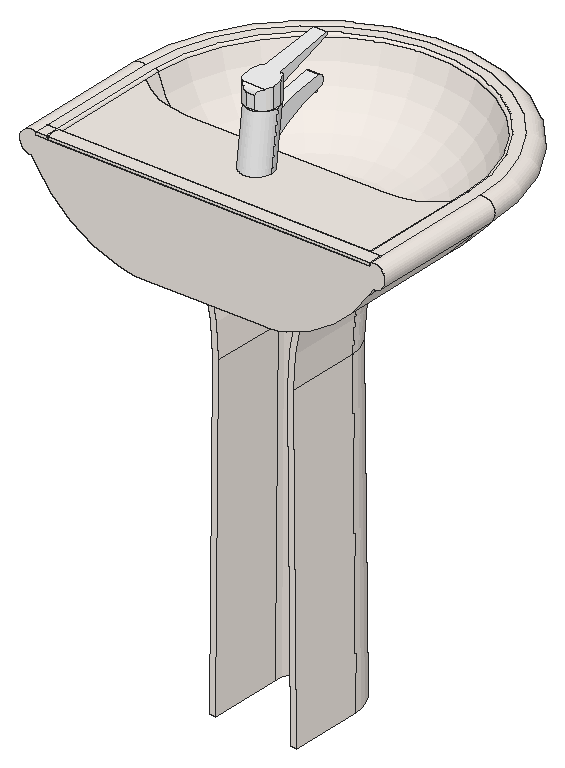
Revit family
Parameters
  Robinet = Métal - Chrome
  Lavabos = Porcelaine - Lin
  Colonne - Cache = Porcelaine - Lin
  Afficher le cache siphon [instance] = no
  Afficher la colonne [instance] = yes
Reference planes
  plane 1 "Centre (avant/arrière)": y = 0
  plane 2: z = 0
  plane 3 "Centre (gauche/droite)": x = 0
Forms (mm)
  Sweep 1, solid, material "Porcelaine - Lin" <- "Lavabos"
    path origin (-123.79, -75, 829.634) x (0, 1, 0) y (-1, 0, 0)
      loop
        line (75, 175) -> (299.154, 175)
        arc (299.154, 175) -> (597.944, -123.79) -> (299.154, -422.58) r 298.79
        line (299.154, -422.58) -> (75, -422.58)
    profile origin (-298.79, 112.077, 829.634) x (-1, 0, 0) y (0, 0, 1)
      loop
        arc (-18.583, -37.606) -> (-0.084, -15.436) -> (-25.208, -1.206) r 18.803
        line (-25.208, -1.206) -> (-41.538, -1.206)
        arc (-41.538, -1.206) -> (-44.542, -2.209) -> (-46.341, -4.816) r 5
        arc (-46.341, -4.816) -> (-108.929, -95.438) -> (-213.446, -130.163) r 173.589
        line (-213.446, -130.163) -> (-280, -130.163) -> (-280, -155.163) -> (-199.155, -155.163)
        arc (-199.155, -155.163) -> (-179.909, -154.259) -> (-161.056, -150.29) r 120.107
        arc (-161.056, -150.29) -> (-78.943, -107.7) -> (-18.583, -37.606) r 244.013
  Extrusion 2, solid, material "Porcelaine - Lin" <- "Lavabos"
    sketch origin (-123.79, -75, 829.634) x (0, 1, 0) y (-1, 0, 0)
      loop
        arc (234.119, 29.059) -> (251.412, 97.626) -> (299.154, 149.792) r 144.585
        line (299.154, 149.792) -> (75, 149.792) -> (75, -397.372) -> (299.154, -397.372)
        arc (299.154, -397.372) -> (251.665, -353.305) -> (234.119, -290.941) r 119.605
        line (234.119, -290.941) -> (234.119, 29.059)
    from -4.816 to -155.163
  Extrusion 3, void
    sketch origin (-123.79, 0, 0) x (1, 0, 0) y (0, 0, 1)
      loop
        arc (397.372, 781.133) -> (338.584, 718.045) -> (261.524, 679.344) r 244.013
        arc (261.524, 679.344) -> (246.638, 675.95) -> (231.442, 674.471) r 120.107
        line (231.442, 674.471) -> (397.372, 674.471) -> (397.372, 781.133)
      loop
        line (-149.792, 781.133) -> (-149.792, 674.471) -> (16.138, 674.471)
        arc (16.138, 674.471) -> (0.942, 675.95) -> (-13.944, 679.344) r 120.107
        arc (-13.944, 679.344) -> (-91.005, 718.045) -> (-149.792, 781.133) r 244.013
    from -224.154 to 0
  Extrusion 4, solid, material "Porcelaine - Lin" <- "Lavabos"
    sketch origin (-18.79, 0, 699.471) x (0, 1, 0) y (-1, 0, 0)
      loop
        line (224.154, 0) -> (159.119, 0) -> (159.119, -37.58) -> (224.154, -37.58)
        arc (224.154, -37.58) -> (205.364, -18.79) -> (224.154, 0) r 18.79
    from 0 to -25
  Extrusion 5, solid, material "Porcelaine - Lin" <- "Lavabos"
    sketch origin (1.21, -75, 0) x (0, 1, 0) y (0, 0, 1)
      loop
        line (75, 824.818) -> (100, 824.818) -> (100, 826.428)
        arc (100, 826.428) -> (99.414, 827.842) -> (98, 828.428) r 2
        line (98, 828.428) -> (75, 828.428) -> (75, 824.818)
    from -274.792 to 272.372
  Blend 6, solid, material "Métal - Chrome" <- "Robinet", detail levels medium+fine
    base sketch origin (-123.79, -75, 824.818) x (0, 1, 0) y (-1, 0, 0)
      loop
        circle (183.751, -125) r 25
    top sketch origin (-123.79, -75, 824.818) x (0, 1, 0) y (-1, 0, 0)
      loop
        circle (195.377, -125) r 25
    from 0 to 90
  Extrusion 7, solid, material "Métal - Chrome" <- "Robinet", detail levels medium+fine
    sketch origin (-123.79, -75, 914.818) x (0, 1, 0) y (-1, 0, 0)
      loop
        circle (195.377, -125) r 20
    from 0 to 3
  Extrusion 8, solid, material "Métal - Chrome" <- "Robinet", detail levels medium+fine
    sketch origin (1.21, -75, 0) x (0, 1, 0) y (0, 0, 1)
      loop
        line (217.413, 917.818) -> (217.413, 936.709) -> (315.203, 964.75) -> (313.703, 969.98)
        arc (313.703, 969.98) -> (245.911, 960.622) -> (178.505, 948.793) r 1872.738
        arc (178.505, 948.793) -> (172.697, 945.338) -> (170.413, 938.977) r 10
        line (170.413, 938.977) -> (170.413, 917.818) -> (217.413, 917.818)
    from -25 to 25
  Extrusion 9, void
    sketch origin (1.21, 98.377, 917.818) x (0, 1, 0) y (-1, 0, 0)
      loop
        arc (44.037, -13.798) -> (14.822, -24.99) -> (-4, 0) r 26
        line (-4, 0) -> (-8, 0) -> (-8, -30) -> (147.037, -30) -> (147.037, -10.278) -> (44.037, -13.798)
    from 0 to 100
  Extrusion 10, void
    sketch origin (1.21, 98.377, 917.818) x (0, 1, 0) y (-1, 0, 0)
      loop
        line (44.037, 13.798) -> (147.037, 10.278) -> (147.037, 30) -> (-8, 30) -> (-8, 0) -> (-4, 0)
        arc (-4, 0) -> (14.822, 24.99) -> (44.037, 13.798) r 26
    from 0 to 100
  Extrusion 11, solid, material "Métal - Chrome" <- "Robinet", detail levels medium+fine
    sketch origin (1.21, -75, 0) x (0, 1, 0) y (0, 0, 1)
      loop
        line (205, 892.191) -> (205, 852.208)
        arc (205, 852.208) -> (249.705, 878.768) -> (299.154, 894.854) r 235.149
        arc (299.154, 894.854) -> (306.815, 904.259) -> (299.154, 913.664) r 9.604
        arc (299.154, 913.664) -> (251.299, 906.341) -> (205, 892.191) r 334.748
    from -10 to 10
  Extrusion 12, solid, material "Métal - Chrome" <- "Robinet", detail levels medium+fine
    sketch origin (-123.79, -75, 824.818) x (0, 1, 0) y (-1, 0, 0)
      loop
        circle (295.155, -125) r 8
    from 64.894 to 74.894
Cuts and joins
  Extrusion 3, Extrusion 9, Extrusion 10 cuts Sweep 1
  Extrusion 3, Extrusion 9, Extrusion 10 cuts Extrusion 2
  Extrusion 3, Extrusion 9, Extrusion 10 cuts Extrusion 4
  joined: Sweep 1, Extrusion 2, Extrusion 4
  Extrusion 3, Extrusion 9, Extrusion 10 cuts Extrusion 5
  Extrusion 3, Extrusion 9, Extrusion 10 cuts Blend 6
  Extrusion 3, Extrusion 9, Extrusion 10 cuts Extrusion 7
  Extrusion 3, Extrusion 9, Extrusion 10 cuts Extrusion 8
  Extrusion 3, Extrusion 9, Extrusion 10 cuts Extrusion 11
  Extrusion 3, Extrusion 9, Extrusion 10 cuts Extrusion 12
Lines and regions (mm)
  Masking region 1
    outline origin (0, 0, 0) x (1, 0, 0) y (0, 1, 0)
      loop
        line (-299.01, 0) -> (299.01, 0) -> (299.01, 225)
        arc (299.01, 225) -> (0, 524.01) -> (-299.01, 225) r 299.01
        line (-299.01, 225) -> (-299.01, 0)
  symbolic lines, style "Lavabos"
    curve 1: line (161.21, 159.119, 824.818) -> (14.437, 159.119, 824.818)
    curve 2: line (-260, 55, 824.818) -> (-260, 224.154, 824.818)
    curve 3: arc (260, 224.154, 824.818) -> (0, 484.154, 824.818) -> (-260, 224.154, 824.818) r 260
    curve 4: line (260, 55, 824.818) -> (260, 224.154, 824.818)
    curve 5: arc (12.688, 210.295, 824.818) -> (-1.494, 242.884, 824.818) -> (-10.331, 208.459, 824.818) r 18.79
    curve 6: arc (-158.79, 159.119, 824.818) -> (-227.005, 192.767, 824.818) -> (-241.822, 267.373, 824.818) r 85.97
    curve 7: arc (241.499, 269.145, 824.818) -> (229.313, 193.73, 824.818) -> (161.21, 159.119, 824.818) r 84.307
    curve 8: arc (241.499, 269.145, 824.818) -> (-0.901, 469.806, 824.818) -> (-241.822, 267.373, 824.818) r 245.654
    curve 9: line (-230, 25, 824.818) -> (230, 25, 824.818)
    curve 10: arc (-260, 55, 824.818) -> (-251.213, 33.787, 824.818) -> (-230, 25, 824.818) r 30
    curve 11: arc (260, 55, 824.818) -> (251.213, 33.787, 824.818) -> (230, 25, 824.818) r 30
    curve 22: line (-12.017, 159.119, 824.818) -> (-158.79, 159.119, 824.818)
  symbolic lines
    curve 12: arc (1.21, 140.377, 0) -> (-18.79, 120.377, 0) -> (1.21, 100.377, 0) r 20
    curve 13: arc (1.21, 100.377, 0) -> (21.21, 120.377, 0) -> (1.21, 140.377, 0) r 20
    curve 14: line (-8.79, 224.154, 0) -> (-8.79, 137.697, 0)
    curve 15: line (11.21, 137.697, 0) -> (11.21, 224.154, 0)
    curve 16: line (11.21, 224.154, 0) -> (-8.79, 224.154, 0)
    curve 17: line (-12.588, 142.413, 0) -> (-9.297, 238.703, 0)
    curve 18: line (11.717, 238.703, 0) -> (15.008, 142.413, 0)
    curve 19: line (-9.297, 238.703, 0) -> (11.717, 238.703, 0)
    curve 20: arc (-0.18, 94.414, 0) -> (-23.962, 113.869, 0) -> (-12.588, 142.413, 0) r 26
    curve 21: arc (15.008, 142.413, 0) -> (25.999, 112.533, 0) -> (-0.18, 94.414, 0) r 26
Dimensions and locks
  aligned and locked: Extrusion 3 to Extrusion 2
  aligned and locked: curve 12 to cut or joined group of Extrusion 3, Extrusion 7, Extrusion 9, Extrusion 10
  aligned and locked: curve 13 to cut or joined group of Extrusion 3, Extrusion 7, Extrusion 9, Extrusion 10
  aligned and locked: cut or joined group of Extrusion 3, Extrusion 9, Extrusion 10, Extrusion 11 to curve 14
  aligned and locked: cut or joined group of Extrusion 3, Extrusion 9, Extrusion 10, Extrusion 11 to curve 15
  aligned and locked: curve 16 to cut or joined group of Extrusion 3, Extrusion 9, Extrusion 10, Extrusion 11
  aligned and locked: curve 17 to cut or joined group of Extrusion 3, Extrusion 8, Extrusion 9, Extrusion 10
  aligned and locked: cut or joined group of Extrusion 3, Extrusion 8, Extrusion 9, Extrusion 10 to curve 18
  aligned and locked: curve 19 to cut or joined group of Extrusion 3, Extrusion 8, Extrusion 9, Extrusion 10
  aligned and locked: curve 20 to cut or joined group of Extrusion 3, Extrusion 8, Extrusion 9, Extrusion 10
  aligned and locked: curve 21 to cut or joined group of Extrusion 3, Extrusion 8, Extrusion 9, Extrusion 10
Nested families
  nested 1: "Lavabos (Colonne)" at (0, 104.154, 0), visible <- "Afficher la colonne", type "Lavabos (Colonne)"
  nested 2: "Lavabos (Cache)" at (0, 0, 524.156), visible <- "Afficher le cache siphon", type "Type 1"
Definition of nested family "Lavabos (Colonne)"
  Parameters (values of type "FR_Lavabos (Colonne)")
    Colonne - Cache = Porcelaine - Lin
    Assembly Code = ""
  Reference planes
    plane 1 "Centre (avant/arrière)": y = 0
    plane 2: z = 0
    plane 3 "Centre (gauche/droite)": x = 0
  Forms (mm)
    Sweep 1, solid, material "Porcelaine - Lin" <- "Colonne - Cache"
      path in 3D
        loop
          line (-85.344, 0, 699.471) -> (-85.344, 120, 699.471)
          arc (-85.344, 120, 699.471) -> (0, 205.344, 699.471) -> (85.344, 120, 699.471) r 85.344
          line (85.344, 120, 699.471) -> (85.344, 0, 699.471)
      profile origin (-85.344, 60, 699.471) x (-1, 0, 0) y (0, 0, 1)
        loop
          line (6.296, -25.517) -> (-4.057, -25.517) -> (-15.444, -68.047)
          arc (-15.444, -68.047) -> (-25.892, -121.267) -> (-29.05, -175.411) r 400.269
          line (-29.05, -175.411) -> (-24.052, -699.471) -> (-14.051, -699.471) -> (-19.051, -175.315)
          arc (-19.051, -175.315) -> (-15.972, -122.524) -> (-5.784, -70.633) r 390.269
          line (-5.784, -70.633) -> (6.296, -25.517)
  Lines and regions (mm)
    sketch lines
      curve 1: line (-85.344, 0, 699.471) -> (-85.344, 120, 699.471)
      curve 2: arc (-85.344, 120, 699.471) -> (0, 205.344, 699.471) -> (85.344, 120, 699.471) r 85.344
      curve 3: line (85.344, 120, 699.471) -> (85.344, 0, 699.471)
    symbolic lines
      curve 4: line (-240.577, 114.202, 0) -> (-128.027, 114.202, 0)
Definition of nested family "Lavabos (Cache)"
  Parameters (values of type "FR_Lavabos (Cache)")
    Colonne - Cache = none
    Assembly Code = ""
  Types (2, lengths in mm): name | Colonne - Cache
    FR_Lavabos (Cache) | none
    Type 1 | Porcelaine - Lin
  Reference planes
    plane 1 "Centre (avant/arrière)": y = 0
    plane 2: z = 0
    plane 3 "Centre (gauche/droite)": x = 0
  Forms (mm)
    Sweep 1, solid, material <- "Colonne - Cache"
      path in 3D
        loop
          line (-85.344, 0, 175.315) -> (-85.344, 224.154, 175.315)
          arc (-85.344, 224.154, 175.315) -> (0, 309.497, 175.315) -> (85.344, 224.154, 175.315) r 85.344
          line (85.344, 224.154, 175.315) -> (85.344, 0, 175.315)
      profile origin (-85.344, 112.077, 175.315) x (-1, 0, 0) y (0, 0, 1)
        loop
          line (-4.057, -25.517) -> (-15.444, -68.047)
          arc (-15.444, -68.047) -> (-25.886, -121.219) -> (-29.051, -175.315) r 400.269
          line (-29.051, -175.315) -> (-19.051, -175.315)
          arc (-19.051, -175.315) -> (-15.972, -122.524) -> (-5.784, -70.633) r 390.269
          line (-5.784, -70.633) -> (6.296, -25.517) -> (-4.057, -25.517)
    Revolve 2, solid, material <- "Colonne - Cache"
      sketch origin (-66.293, 0, 0) x (1, 0, 0) y (0, 1, 0)
        loop
          line (122.585, 0) -> (132.585, 0) -> (132.585, 224.154)
          arc (132.585, 224.154) -> (66.293, 290.446) -> (0, 224.154) r 66.293
          line (0, 224.154) -> (0, 0) -> (10, 0) -> (10, 224.154)
          arc (10, 224.154) -> (66.293, 280.446) -> (122.585, 224.154) r 56.292
          line (122.585, 224.154) -> (122.585, 0)
        axis (132.585, 0) -> (0, 0)
      angle from 0 to 90
  Lines and regions (mm)
    sketch lines
      curve 1: line (-85.344, 0, 175.315) -> (-85.344, 224.154, 175.315)
      curve 2: arc (-85.344, 224.154, 175.315) -> (0, 309.497, 175.315) -> (85.344, 224.154, 175.315) r 85.344
      curve 3: line (85.344, 224.154, 175.315) -> (85.344, 0, 175.315)
